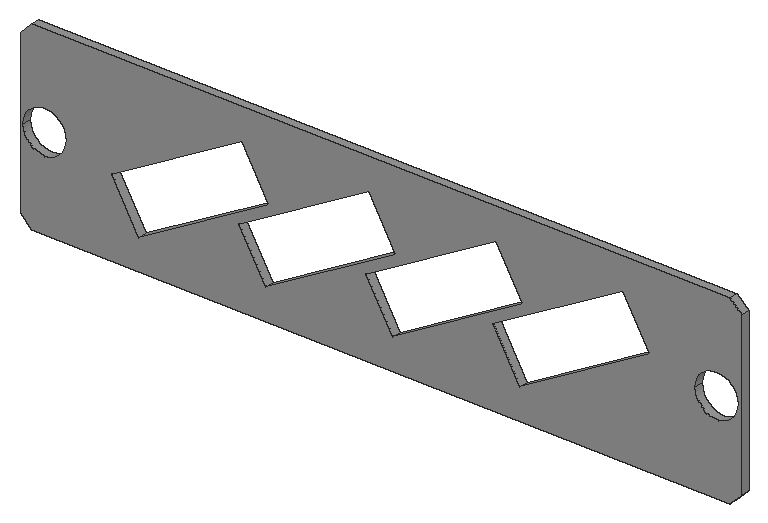
Revit family "ITK_Панель для 4-ех оптических адаптеров (SC-Duplex в 19 кросс)", category Обобщенные модели, Revit 2019
Family settings
  Может служить основой для арматурных стержней = Нет
  Размер круглого соединителя = Использовать диаметр
  Тип детали = Нормальный
  На основе рабочей плоскости = Нет
  Всегда вертикально = Да
  При загрузке вырезать с полостями = Нет
  Общий = Нет
  Точка расчета площади = Нет
Parameters (values of type "FOBX-P8-SCDX")
  Ширина = 125 mm
  Степень защиты = ""
  Материал = Окраска - RAL 7035
  Изготовитель = "ITK"  # constant formula
  Дата изменения = ""
  Тип монтажа = ""  # constant formula
  Глубина = 1.5 mm
  Высота = 32 mm
  URL = "https://www.iek.ru/"
  KSI_CPr_Строительные изделия = "61.1.04.08"  # constant formula
  KSI_CMa_Строительные материалы = "10.03.02.06"  # constant formula
  IEK_Цена за единицу = 13.28
  IEK_Поиск в таблице имен = ""
  IEK_Описание = "Изготовлены из высококачественных материалов.\r\nСоответствие международным стандартам и ГОСТ Р."
  IEK_URL = "https://www.itk-group.ru/produktsiya/catalog/oborudovanie_telekommunikatsionnoe/komponenty_sks_opticheskie/komponenty_sks_opticheskie/opticheskie_krossy_19/itk_panel_dlya_4_ekh_opticheskikh_adapterov_sc_duplex_v_19_kross_fobx-p8-scdx"
  ADSK_Примечание = ""
  ADSK_Позиция [instance] = ""
  ADSK_Наименование = "ITK Панель для 4-ех оптических адаптеров (SC-Duplex в 19\" кросс)"
  ADSK_Материал обозначение = ""
  ADSK_Материал наименование = "Листовая сталь"  # constant formula
  ADSK_Масса = 0.1
  ADSK_Марка = ""  # constant formula
  ADSK_Код изделия = "FOBX-P8-SCDX"
  ADSK_Завод-изготовитель = "IEK"  # constant formula
  ADSK_Единица измерения = "шт"  # constant formula
  ADSK_Группирование = "I. ЩИТЫ И ПУЛЬТЫ"  # constant formula
  ADSK_Версия семейства = "1.0"  # constant formula
  ADSK_Версия Revit = "2019"  # constant formula
  ADSK_URL страницы изделия = "https://www.itk-group.ru/produktsiya/catalog/oborudovanie_telekommunikatsionnoe/komponenty_sks_opticheskie/komponenty_sks_opticheskie/opticheskie_krossy_19/?pagec=30"
Reference planes
  plane 1 "По центру (Вперед/Назад)": y = 0
  plane 2: z = 0
  plane 3 "По центру (Влево/Вправо)": x = 0
  plane 4: z = 32
  plane 5: x = -62.5
  plane 6: x = 62.5
  plane 7: y = -1.5
Forms (mm)
  Extrusion 1, solid, material "Окраска - RAL 7035" <- "Материал", detail levels fine
    sketch origin (0, 0, 0) x (1, 0, 0) y (0, 0, 1)
      loop
        line (-62.5, 30) -> (-62.5, 2) -> (-60.5, 0) -> (60.5, 0) -> (62.5, 2) -> (62.5, 30) -> (60.5, 32) -> (-60.5, 32) -> (-62.5, 30)
      loop
        circle (-58.25, 16) r 3.75
      loop
        line (-46.633, 13.614) -> (-41.883, 5.386) -> (-19.367, 18.386) -> (-24.117, 26.614) -> (-46.633, 13.614)
      loop
        line (-24.633, 13.614) -> (-19.883, 5.386) -> (2.633, 18.386) -> (-2.117, 26.614) -> (-24.633, 13.614)
      loop
        line (-2.633, 13.614) -> (2.117, 5.386) -> (24.633, 18.386) -> (19.883, 26.614) -> (-2.633, 13.614)
      loop
        line (19.367, 13.614) -> (24.117, 5.386) -> (46.633, 18.386) -> (41.883, 26.614) -> (19.367, 13.614)
      loop
        circle (58.25, 16) r 3.75
    from 0 to 1.5
  Extrusion 2, solid, detail levels coarse+medium
    sketch origin (0, 0, 0) x (1, 0, 0) y (0, 1, 0)
      loop
        line (-62.5, 0) -> (-62.5, -1.5) -> (62.5, -1.5) -> (62.5, 0) -> (-62.5, 0)
    from 32 <- "Высота" to 0
Dimensions and locks
  "Высота": plane 4 to level
  equal spacing: plane 6, plane 3 "По центру (Влево/Вправо)", plane 5
  "Ширина": plane 6 to plane 5
  "Глубина": plane 1 "По центру (Вперед/Назад)" to plane 7
  aligned and locked: level to plane 2
  aligned and locked: Extrusion 2 sketch curve to Extrusion 1  (x3)
Automatic sketch dimensions
  Extrusion 1 sketch curve to plane 5 = 0 mm
  Extrusion 1 sketch curve to level = 0 mm
  Extrusion 1 sketch curve to plane 6 = 0 mm
  plane 4 to Extrusion 1 sketch curve = 0 mm
  plane 5 to Extrusion 1 sketch curve = 2 mm  (x2)
  plane 5 to Extrusion 1 sketch curve = 4.25 mm
  Extrusion 1 sketch curve to Extrusion 1 sketch curve = 11.617 mm
  level to Extrusion 1 sketch curve = 5.386 mm  (x4)
  Extrusion 1 sketch curve to Extrusion 1 sketch curve = 4.75 mm  (x3)
  Extrusion 1 sketch curve to Extrusion 1 sketch curve = 17.25 mm  (x2)
  Extrusion 1 sketch curve to plane 4 = 5.386 mm  (x3)
  Extrusion 1 sketch curve to Extrusion 1 sketch curve = 0.517 mm  (x2)
  Extrusion 1 sketch curve to plane 3 "По центру (Влево/Вправо)" = 2.633 mm
  Extrusion 1 sketch curve to plane 3 "По центру (Влево/Вправо)" = 2.117 mm
  plane 3 "По центру (Влево/Вправо)" to Extrusion 1 sketch curve = 2.117 mm
  Extrusion 1 sketch curve to Extrusion 1 sketch curve = 16.733 mm
  Extrusion 1 sketch curve to plane 6 = 4.25 mm
  Extrusion 1 sketch curve to plane 6 = 2 mm  (x2)
  level to Extrusion 1 sketch curve = 2 mm  (x2)
  Extrusion 1 sketch curve to Extrusion 1 sketch curve = 4.773 mm
  Extrusion 1 sketch curve to Extrusion 1 sketch curve = 2.386 mm  (x2)
  Extrusion 1 sketch curve to plane 4 = 2 mm  (x2)
  Extrusion 2 sketch curve to plane 5 = 0 mm
  radius of Extrusion 1 sketch curve = 3.75 mm  (x2)
